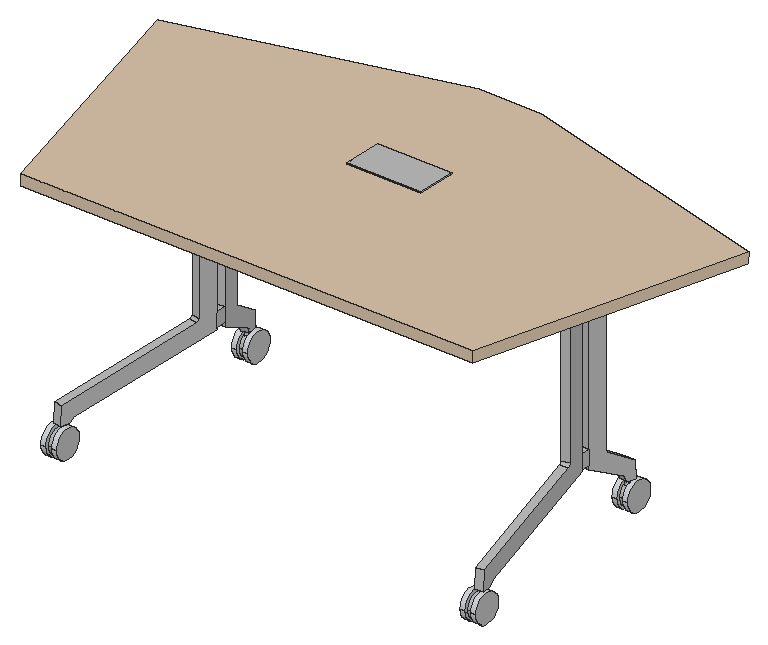
Revit family "Haworth_Planes_TrainingTable_Polygon30", category Furniture Systems, Revit 2018
Family settings
  Round Connector Dimension = Use Diameter
  Part Type = Normal
  OmniClass Number = 23.40.70.14.64.21
  OmniClass Title = Systems Furniture
  Work Plane-Based = No
  Always vertical = Yes
  Cut with Voids When Loaded = No
  Shared = No
  Room Calculation Point = No
Parameters (values of type "66w 30d")
  Warranty = "http://www.haworth.com/resources/product-info/warranties"
  Void Top Placement = Actual Height + 2"  # 31"
  Void Cutout Height = if(Cutout, 5", 1/2")  # 5"
  URL - Product = "http://www.haworth.com/products/tables/training/planes"
  Type Comments = ""
  Table Finish [instance] = Haworth _ Laminate _ Maple H-AE
  Table Edge Finish [instance] = Haworth _ Laminate _ Maple H-AE
  Sustainability Info = "http://media.haworth.com/asset/5175/Planes%20tables%20PEDS.pdf"
  Opening Single Wide = no
  Opening Single Narrow = no
  Opening Single = and(Cutout, not(or(Opening Single Wide, Opening Single Narrow)))  # yes
  Leg Placement = 40"  # constant formula
  Knife Edge = not(Edgeband)  # no
  Fliptop Width = Cutout Width + 1/4"  # 8 1/4"
  Fliptop Depth = Cutout Depth + 3/8"  # 4 3/8"
  Model = "TACV"  # constant formula
  Leg Finish [instance] = Haworth _ Paint _ Metallic Champagne
  Glides = not(Casters)  # no
  Flip Top Finish = Haworth _ Paint _ Metallic Champagne
  Flip Top = yes
  Edgeband = yes
  Description = "Haworth - Planes Training - Table Polygon - 30"  # constant formula
  Cutout Width = if(Opening Single Wide, 11", if(Opening Single Narrow, 4", 8"))  # 8"
  Cutout Depth = 4"  # constant formula
  URL = "www.haworth.com"
  Table Thickness = 1 3/16"  # constant formula
  Support Spacing - From Edge = 6 1/4"  # constant formula
  Size = "Verify Final Dim. w/ Haworth"  # constant formula
  Revision Number = "3"  # constant formula
  Manufacturer = "Haworth"  # constant formula
  Leg Height = Actual Height - Table Thickness  # 27 13/16"
  Cutout = yes
  Casters = yes
  Caster Finish [instance] = Haworth _ Paint _ Metallic Champagne
  Author = "Haworth (Hampton, Alias)"  # constant formula
  Assembly Code = "E2020200"
  Actual Width = 66"  # constant formula
  Actual Height = 29"  # constant formula
  Actual Depth = 30"  # constant formula
Reference planes (in)
  plane 1 "Leg Middle": y = 0
  plane 2: z = 0
  plane 3 "Center L/R": x = 0
  plane 4 "Table Edge Left": x = -33
  plane 5 "Table Edge Right": x = 33
  plane 6 "Table Edge Front": y = 15
  plane 7 "Table Edge Back": y = -15
  plane 8 "Table Leg Left": x = -20
  plane 9 "Table Leg Right": x = 20
  plane 10 "Top": z = 29
  plane 11 "Support Back": y = 8.75
  plane 12 "Left Angle": through (-25.02054, -15.80758, 48) normal (-0.9659, -0.2588, 0)
  plane 13 "Top Bottom": z = 27.8125
  plane 14 "Void Bottom": z = 27
  plane 15 "Void Top": z = 31
  plane 16 "Center F/B": y = 6.25
  plane 17 "Cutout Left": x = -4.125
  plane 18 "Cutout Right": x = 4.125
  plane 19 "Cutout Back": y = 8.25
  plane 20 "Cutout Front": y = 4.25
  plane 21 "Void Cutout Bottom": z = 26
  plane 22 "Back Corner": y = 13.67451
  plane 23 "Corner Left": x = -3.44122
  plane 24 "Corner Right": x = 3.44122
  plane 25 "Right Angel": through (25.02054, -15.80758, 48) normal (-0.9659, 0.2588, 0)
  plane 26 "Left Back": through (5.83233, 24.0796, 48) normal (0.2588, -0.9659, 0)
  plane 27 "Right Back": through (-5.83233, 24.0796, 48) normal (0.2588, 0.9659, 0)
  plane 28 "Back": y = 21.59476
  plane 29 "KnifeEdge Middle": z = 28.625
Forms (in)
  Extrusion 1, solid, material "Haworth _ Laminate _ Maple H-AE" <- "Table Finish", visible <- "Edgeband"
    sketch origin (0, 0, 29) x (-1, 0, 0) y (0, -1, 0)
      loop
        line (-32.92558, -13.69445) -> (-3.44122, -21.59476) -> (3.44122, -21.59476) -> (32.92558, -13.69445) -> (25.23693, 15) -> (-25.23693, 15) -> (-32.92558, -13.69445)
    from -1.1875 to 0
  Extrusion 2, void
    sketch origin (0, 0, 29) x (-1, 0, 0) y (0, -1, 0)
      loop
        line (4.125, -8.25) -> (4.125, -4.25) -> (-4.125, -4.25) -> (-4.125, -8.25) -> (4.125, -8.25)
    from -3 to 2
  Extrusion 3, solid, material "Haworth _ Laminate _ Maple H-AE" <- "Table Finish", visible <- "Knife Edge"
    sketch origin (0, 0, 29) x (-1, 0, 0) y (0, -1, 0)
      loop
        line (-32.92558, -13.69445) -> (-3.44122, -21.59476) -> (3.44122, -21.59476) -> (32.92558, -13.69445) -> (25.23693, 15) -> (-25.23693, 15) -> (-32.92558, -13.69445)
    from -0.375 to 0
  Blend 4, solid, material "Haworth _ Laminate _ Maple H-AE" <- "Table Finish", visible <- "Knife Edge"
    base sketch origin (0, 0, 29) x (-1, 0, 0) y (0, -1, 0)
      loop
        line (32.92558, -13.69445) -> (25.77283, 13) -> (-25.77283, 13) -> (-32.92558, -13.69445) -> (-3.44122, -21.59476) -> (3.44122, -21.59476) -> (32.92558, -13.69445)
    top sketch origin (0, 0, 29) x (-1, 0, 0) y (0, -1, 0)
      loop
        line (25.23693, 15) -> (-25.23693, 15) -> (-32.92558, -13.69445) -> (-3.44122, -21.59476) -> (3.44122, -21.59476) -> (32.92558, -13.69445) -> (25.23693, 15)
    from -1.1875 to -0.375
Cuts and joins
  Extrusion 2 cuts Extrusion 1
  Extrusion 2 cuts Extrusion 3
  Extrusion 2 cuts Blend 4
  joined: Extrusion 3, Blend 4
Lines and regions (in)
  Masking region 1
    outline origin (0, 0, 29) x (-1, 0, 0) y (0, -1, 0)
      loop
        line (-3.44122, -21.59476) -> (3.44122, -21.59476) -> (32.92558, -13.69445) -> (25.23693, 15) -> (-25.23693, 15) -> (-32.92558, -13.69445) -> (-3.44122, -21.59476)
  symbolic lines, style "Haworth", visible <- "Cutout", detail levels medium+fine
    curve 1: line (-4.125, 8.25, 29) -> (4.125, 8.25, 29)
    curve 2: line (-4.125, 4.25, 29) -> (-4.125, 8.25, 29)
    curve 3: line (4.125, 4.25, 29) -> (-4.125, 4.25, 29)
    curve 4: line (4.125, 8.25, 29) -> (4.125, 4.25, 29)
  symbolic lines, style "Haworth Hidden", visible <- "Knife Edge", detail levels medium+fine
    curve 5: line (-25.77283, -13, 29) -> (25.77283, -13, 29)
Dimensions and locks (in)
  "Actual Width": plane 4 "Table Edge Left" to plane 5 "Table Edge Right"
  equal spacing: plane 4 "Table Edge Left", plane 3 "Center L/R", plane 5 "Table Edge Right"
  "Actual Depth": plane 6 "Table Edge Front" to plane 7 "Table Edge Back"
  equal spacing: plane 6 "Table Edge Front", plane 1 "Leg Middle", plane 7 "Table Edge Back"
  "Actual Height": plane 10 "Top" to level
  equal spacing: plane 8 "Table Leg Left", plane 3 "Center L/R", plane 9 "Table Leg Right"
  "Leg Placement": plane 8 "Table Leg Left" to plane 9 "Table Leg Right"
  "Table Thickness": plane 10 "Top" to plane 13 "Top Bottom"
  "Support Spacing - From Edge": plane 6 "Table Edge Front" to plane 11 "Support Back"
  "Void Top Placement": plane 15 "Void Top" to level
  plane 15 "Void Top" to plane 14 "Void Bottom" = 4"
  locked: plane 11 "Support Back" to plane 16 "Center F/B" at 2.5
  equal spacing: plane 17 "Cutout Left", plane 3 "Center L/R", plane 18 "Cutout Right"
  "Fliptop Width": plane 17 "Cutout Left" to plane 18 "Cutout Right"
  equal spacing: plane 19 "Cutout Back", plane 16 "Center F/B", plane 20 "Cutout Front"
  "Cutout Depth": plane 19 "Cutout Back" to plane 20 "Cutout Front"
  "Void Cutout Height": plane 15 "Void Top" to plane 21 "Void Cutout Bottom"
  locked: plane 6 "Table Edge Front" to plane 22 "Back Corner" at 1.32549
  locked: plane 10 "Top" to plane 29 "KnifeEdge Middle" at 0.375
  locked: plane 7 "Table Edge Back" to Blend 4 sketch curve at 2
  locked: plane 7 "Table Edge Back" to curve 5 at 2
  aligned and locked: Extrusion 1 to plane 13 "Top Bottom"
  aligned and locked: plane 10 "Top" to Extrusion 1
  aligned and locked: plane 17 "Cutout Left" to Extrusion 2 sketch curve
  aligned and locked: Extrusion 2 sketch curve to plane 20 "Cutout Front"
  aligned and locked: plane 18 "Cutout Right" to Extrusion 2 sketch curve
  aligned and locked: Extrusion 2 sketch curve to plane 19 "Cutout Back"
  aligned and locked: Extrusion 2 to plane 21 "Void Cutout Bottom"
  aligned and locked: plane 15 "Void Top" to Extrusion 2
  aligned and locked: plane 1 "Leg Middle" to nested 1
  aligned and locked: nested 2 to plane 1 "Leg Middle"
  aligned and locked: plane 8 "Table Leg Left" to nested 1
  aligned and locked: plane 9 "Table Leg Right" to nested 2
  aligned and locked: plane 25 "Right Angel" to Extrusion 1 sketch curve
  aligned and locked: Extrusion 1 sketch curve to plane 27 "Right Back"
  aligned and locked: plane 26 "Left Back" to Extrusion 1 sketch curve
  aligned and locked: Extrusion 1 sketch curve to plane 12 "Left Angle"
  aligned and locked: Extrusion 1 sketch curve to plane 7 "Table Edge Back"
  aligned and locked: plane 28 "Back" to Extrusion 1 sketch curve
  aligned and locked: Masking region 1 sketch curve to plane 25 "Right Angel"
  aligned and locked: Masking region 1 sketch curve to plane 7 "Table Edge Back"
  aligned and locked: plane 12 "Left Angle" to Masking region 1 sketch curve
  aligned and locked: Masking region 1 sketch curve to plane 26 "Left Back"
  aligned and locked: plane 27 "Right Back" to Masking region 1 sketch curve
  aligned and locked: plane 28 "Back" to Masking region 1 sketch curve
  aligned and locked: plane 2 to nested 4
  aligned and locked: curve 4 to cut or joined group of Extrusion 1, Extrusion 2
  aligned and locked: curve 1 to cut or joined group of Extrusion 1, Extrusion 2
  aligned and locked: curve 2 to cut or joined group of Extrusion 1, Extrusion 2
  aligned and locked: curve 3 to cut or joined group of Extrusion 1, Extrusion 2
  aligned and locked: plane 25 "Right Angel" to Extrusion 3 sketch curve
  aligned and locked: Extrusion 3 sketch curve to plane 27 "Right Back"
  aligned and locked: plane 26 "Left Back" to Extrusion 3 sketch curve
  aligned and locked: plane 28 "Back" to Extrusion 3 sketch curve
  aligned and locked: Extrusion 3 sketch curve to plane 12 "Left Angle"
  aligned and locked: Extrusion 3 sketch curve to plane 7 "Table Edge Back"
  aligned and locked: plane 10 "Top" to Extrusion 3
  aligned and locked: plane 29 "KnifeEdge Middle" to Extrusion 3
  aligned and locked: plane 12 "Left Angle" to Blend 4 sketch curve
  aligned and locked: plane 26 "Left Back" to Blend 4 sketch curve  (x2)
  aligned and locked: plane 27 "Right Back" to Blend 4 sketch curve  (x2)
  aligned and locked: Blend 4 sketch curve to plane 28 "Back"  (x2)
  aligned and locked: plane 25 "Right Angel" to Blend 4 sketch curve
  aligned and locked: plane 7 "Table Edge Back" to Blend 4 sketch curve
  aligned and locked: Blend 4 sketch curve to plane 25 "Right Angel"
  aligned and locked: Blend 4 sketch curve to plane 12 "Left Angle"
  aligned and locked: Blend 4 to nested 1
  aligned and locked: Blend 4 to plane 29 "KnifeEdge Middle"
  aligned and locked: nested 3 to plane 16 "Center F/B"
  aligned and locked: plane 3 "Center L/R" to nested 3
  aligned and locked: plane 16 "Center F/B" to nested 4
  aligned and locked: plane 3 "Center L/R" to nested 4
  aligned and locked: plane 10 "Top" to nested 3
Automatic sketch dimensions
  plane 25 "Right Angel" to curve 5 = 0"
  plane 12 "Left Angle" to curve 5 = 0"
Nested families (in)
  nested 1: "Haworth_Leg-Planes_Training_30D" at (-20, 0, 0), type "Leg"
    with Leg Height 27 13/16", Glides no, Casters yes
  nested 2: "Haworth_Leg-Planes_Training_30D" at (20, 0, 0) x (-1, 0, 0) z (0, 0, 1), type "Leg"
    with Leg Height 27 13/16", Glides no, Casters yes
  nested 3: "Haworth_Worksurface_FlipTop_Unit_Part" at (-0.57037, 6.19751, 29), visible <- "Flip Top", type "Single Sided"
  nested 4: "Haworth_Planes_TrainingTable_Stretcher_Part" at (0, 3.05717, 0), type "Stretcher"
    with Actual Width 40"
Definition of nested family "Haworth_Leg-Planes_Training_30D"
  Parameters
    Model = "Haworth_Leg-Planes_Training_30D"  # constant formula
    Manufacturer = "Haworth"  # constant formula
    Leg Height = 27 1/2"
    Leg Finish = none
    Glides = yes
    Description = "Haworth_Leg-Planes_Training_30D"
    Casters = no
    Caster Finish = none
    Auther = "Haworth (Hampton)"  # constant formula
    Assembly Code = ""
  Reference planes (in)
    plane 1 "Center (Front/Back)": y = 0
    plane 2: z = 0
    plane 3 "Center (Left/Right)": x = 0
    plane 4 "Top of Leg": z = 27.5
    plane 5 "Y Leg Stand": x = -3.35156
    plane 6 "Left Y Leg": through (-0.17621, 0.60996, 48) normal (-0.8829, -0.4695, 0)
    plane 7 "Left Post": x = -0.5625
    plane 8 "Left Support": y = 11.57793
    plane 9: through (-0.17621, -0.60996, 48) normal (0.8829, -0.4695, 0)
    plane 10: y = -11.32793
    plane 11: x = -1.18359
  Forms (in)
    Revolve 1, solid, material <- "Leg Finish", visible <- "Glides"
      sketch origin (-1.19307, 0.20824, 0) x (-0.000803, -1, 0) y (0, 0, 1)
        loop
          line (-11.36969, 3.4375) -> (-11.36969, 0) -> (-10.36969, 0) -> (-10.36969, 0.1875) -> (-10.93219, 0.1875) -> (-10.93219, 3.4375) -> (-11.36969, 3.4375)
        axis (-11.36969, 3.4375) -> (-11.36969, 0)
      angle from 0 to 360
    Revolve 2, solid, material <- "Leg Finish", visible <- "Glides"
      sketch origin (-3.36034, 0.04176, 0) x (-0.000803, 1, 0) y (0, 0, -1)
        loop
          line (-11.36969, -3.4375) -> (-10.93219, -3.4375) -> (-10.93219, -0.1875) -> (-10.36969, -0.1875) -> (-10.36969, 0) -> (-11.36969, 0) -> (-11.36969, -3.4375)
        axis (-11.36969, -3.4375) -> (-11.36969, 0)
      angle from 0 to 360
    Extrusion 3, solid, material <- "Leg Finish"
      sketch origin (2.0119, -0.80233, 0) x (0.182579, 0.983191, 0) y (0, 0, 1)
        loop
          line (-11.85941, 5.24224) -> (-12.01655, 3.18345) -> (-10.98335, 3.18345) -> (-10.50665, 3.66015) -> (5.9043, 6.287) -> (5.9043, 26.93342) -> (3.92462, 26.93342) -> (3.92462, 8.10519)
          arc (3.92462, 8.10519) -> (3.85321, 7.91062) -> (3.67287, 7.80844) r 0.30078
          line (3.67287, 7.80844) -> (-11.85941, 5.24224)
      from -3.86674 to -2.94248
    Extrusion 4, solid, material <- "Leg Finish"
      sketch origin (1.99524, 0.3822, 0) x (-0.173889, 0.984765, 0) y (0, 0, 1)
        loop
          line (12.02172, 5.02236) -> (8.82242, 7.10002)
          arc (8.82242, 7.10002) -> (8.72191, 7.20875) -> (8.68546, 7.35227) r 0.30078
          line (8.68546, 7.35227) -> (8.68546, 26.93508) -> (6.68546, 26.93508) -> (6.68546, 6.03031) -> (10.72996, 3.95038) -> (11.08119, 3.19717) -> (12.08119, 3.19717) -> (12.02172, 5.02236)
      from -1.61621 to -0.69725
    Extrusion 5, solid, material <- "Leg Finish"
      sketch origin (0, 0, 0) x (1, 0, 0) y (0, 1, 0)
        loop
          line (-1.10665, 8.6543) -> (-1.44451, 8.6543) -> (-1.44451, 3.76231) -> (-1.07329, 3.76231) -> (-0.71184, 5.70871) -> (-0.75887, 6.68477) -> (-1.10665, 8.6543)
      from 25.04979 to 26.93342
    Extrusion 6, solid, material <- "Leg Finish"
      sketch origin (0, 0, 0) x (1, 0, 0) y (0, 1, 0)
        loop
          line (-0.75887, 6.68477) -> (-0.71184, 5.70871) -> (0.19689, 5.53996) -> (0.14609, 6.84456) -> (-0.75887, 6.68477)
      from 6.48123 to 8.06038
  Lines and regions (in)
    symbolic lines, detail levels fine
      curve 1: line (-3.98381, -11.91091, 0) -> (-3.07508, -12.07966, 0)
      curve 2: line (-3.07508, -12.07966, 0) -> (0.19689, 5.53996, 0)
      curve 3: line (0.19689, 5.53996, 0) -> (0.14609, 6.84456, 0)
      curve 4: line (0.14609, 6.84456, 0) -> (-0.79217, 12.15809, 0)
      curve 5: line (-0.79217, 12.15809, 0) -> (-1.69713, 11.9983, 0)
      curve 6: line (-1.69713, 11.9983, 0) -> (-0.75887, 6.68477, 0)
      curve 7: line (-0.75887, 6.68477, 0) -> (-0.71184, 5.70871, 0)
      curve 8: line (-0.71184, 5.70871, 0) -> (-3.98381, -11.91091, 0)
  Dimensions and locks (in)
    "Leg Height": plane 4 "Top of Leg" to level
  Automatic sketch dimensions
    Revolve 1 sketch curve to level = 0"
    level to Revolve 1 sketch curve = 3.42885"
    Revolve 1 sketch curve to Revolve 1 sketch curve = 0"
    level to Revolve 1 sketch curve = 3/16"
    Revolve 1 sketch curve to Revolve 1 sketch curve = 7/16"
    Revolve 1 sketch curve to Revolve 1 sketch curve = 9/16"
    Revolve 1 sketch curve to level = 1.07115"
    Revolve 1 sketch curve to Revolve 1 sketch curve = 0.00865"
    Revolve 2 sketch curve to level = 0"
    level to Revolve 2 sketch curve = 3.42885"
    Revolve 2 sketch curve to Revolve 2 sketch curve = 0"
    level to Revolve 2 sketch curve = 3/16"
    Revolve 2 sketch curve to Revolve 2 sketch curve = 7/16"
    Revolve 2 sketch curve to Revolve 2 sketch curve = 9/16"
    Revolve 2 sketch curve to Revolve 2 sketch curve = 0.00865"
    Revolve 2 sketch curve to level = 1.07115"
    Extrusion 3 sketch curve to Extrusion 3 sketch curve = 0.4767"  (x2)
    Extrusion 3 sketch curve to Extrusion 3 sketch curve = 0.04903"
    Extrusion 3 sketch curve to Extrusion 3 sketch curve = 77/256"
    Extrusion 3 sketch curve to plane 4 "Top of Leg" = 0.56658"
    Extrusion 3 sketch curve to Extrusion 3 sketch curve = 1.97968"
    level to Extrusion 3 sketch curve = 8.10519"
    Extrusion 3 sketch curve to Extrusion 3 sketch curve = 1.81819"
    level to Extrusion 3 sketch curve = 5.24224"
    Extrusion 3 sketch curve to Extrusion 3 sketch curve = 1.58208"
    Extrusion 3 sketch curve to Extrusion 3 sketch curve = 0.15714"
    Extrusion 3 sketch curve to Extrusion 3 sketch curve = 1.0332"
    Extrusion 3 sketch curve to Extrusion 3 sketch curve = 14.13049"
    Extrusion 4 sketch curve to plane 4 "Top of Leg" = 0.56492"
    Extrusion 4 sketch curve to Extrusion 4 sketch curve = 2"
    Extrusion 4 sketch curve to Extrusion 4 sketch curve = 0.13696"
    Extrusion 4 sketch curve to Extrusion 4 sketch curve = 77/256"
    level to Extrusion 4 sketch curve = 7.35227"
    Extrusion 4 sketch curve to Extrusion 4 sketch curve = 1.06971"
    Extrusion 4 sketch curve to Extrusion 4 sketch curve = 2.07765"
    Extrusion 4 sketch curve to Extrusion 4 sketch curve = 1.07199"
    Extrusion 4 sketch curve to Extrusion 4 sketch curve = 0.75321"
    Extrusion 4 sketch curve to Extrusion 4 sketch curve = 1.90754"
    Extrusion 4 sketch curve to Extrusion 4 sketch curve = 0.35123"
    Extrusion 4 sketch curve to Extrusion 4 sketch curve = 1.29176"
    Extrusion 4 sketch curve to Extrusion 4 sketch curve = 1"
    plane 11 to Extrusion 5 sketch curve = 0.26091"
    Extrusion 5 sketch curve to plane 11 = 0.07695"
    Extrusion 5 sketch curve to plane 11 = 0.11031"
    plane 7 "Left Post" to Extrusion 5 sketch curve = 0.19637"
    plane 7 "Left Post" to Extrusion 5 sketch curve = 0.14934"
    Extrusion 5 sketch curve to plane 1 "Center (Front/Back)" = 3.76231"
    Extrusion 5 sketch curve to Extrusion 5 sketch curve = 1.9464"
    Extrusion 5 sketch curve to Extrusion 5 sketch curve = 0.97606"
    Extrusion 5 sketch curve to Extrusion 5 sketch curve = 1.96953"
    plane 7 "Left Post" to Extrusion 6 sketch curve = 0.19637"
    plane 7 "Left Post" to Extrusion 6 sketch curve = 0.14934"
    plane 3 "Center (Left/Right)" to Extrusion 6 sketch curve = 0.14609"
    plane 3 "Center (Left/Right)" to Extrusion 6 sketch curve = 0.19689"
    Extrusion 6 sketch curve to plane 1 "Center (Front/Back)" = 5.53996"
    Extrusion 6 sketch curve to Extrusion 6 sketch curve = 0.16875"
    Extrusion 6 sketch curve to Extrusion 6 sketch curve = 0.97606"
    Extrusion 6 sketch curve to Extrusion 6 sketch curve = 0.1598"
    curve 1 to plane 5 "Y Leg Stand" = 0.27648"
    plane 11 to curve 5 = 0.51353"
    plane 7 "Left Post" to curve 4 = 0.22967"
    plane 7 "Left Post" to curve 7 = 0.19637"
    plane 7 "Left Post" to curve 8 = 0.14934"
    plane 3 "Center (Left/Right)" to curve 3 = 0.14609"
    plane 3 "Center (Left/Right)" to curve 3 = 0.19689"
    plane 10 to curve 1 = 0.75173"
    curve 1 to curve 1 = 0.16875"
    curve 2 to curve 7 = 0.16875"
    curve 7 to curve 7 = 0.97606"
    curve 6 to curve 3 = 0.1598"
  Nested families (in)
    nested 1: "Haworth_3in Caster" at (-1.18359, 11.57793, 0), visible <- "Casters", type "Haworth_3in Caster"
    nested 2: "Haworth_3in Caster" at (-3.35156, -11.32793, 0), visible <- "Casters", type "Haworth_3in Caster"
  Definition of nested family "Haworth_3in Caster"
    Parameters
      Glides = yes
      Caster Finish = none
      Cart Leg Finish = none
      Assembly Code = ""
    Reference planes (in)
      plane 1 "Center (Front/Back)": y = 0
      plane 2: z = 0
      plane 3 "Center (Left/Right)": x = 0
    Forms (in)
      Extrusion 1, solid
        sketch origin (0, 0, -0.02118) x (0, 1, 0) y (0, 0, 1)
          loop
            circle (-0.48695, 1.58368) r 1.5625
        from 0.875 to 0.3125
      Extrusion 2, solid
        sketch origin (0, 0, -0.02118) x (0, 1, 0) y (0, 0, 1)
          loop
            circle (-0.48695, 1.58368) r 1.5625
        from -0.875 to -0.3125
      Extrusion 3, solid
        sketch origin (0, 0, 0) x (0, 1, 0) y (0, 0, 1)
          loop
            circle (-0.48695, 1.5625) r 1.3125
        from -0.3125 to 0.3125
      Extrusion 4, solid
        sketch origin (0, 0, 0) x (1, 0, 0) y (0, 1, 0)
          loop
            circle (0, 0) r 0.25
        from 2.4375 to 3.4375
    Cuts and joins
      joined: Extrusion 3, Extrusion 4
    Dimensions and locks (in)
      plane 3 "Center (Left/Right)" to Extrusion 2 = 5/16"
      Extrusion 1 to plane 3 "Center (Left/Right)" = 7/8"
Definition of nested family "Haworth_Worksurface_FlipTop_Unit_Part"
  Parameters (values of type "Single Sided")
    Warranty = "www.haworth.com/en-us/Products/Pages/Certifications.aspx"
    URL - Product = "www.haworth.com/en-us/Products/Furniture/Systems/Desking-Systems/Pages/Compose.aspx"
    URL = "www.haworth.com"
    Sustainability Info = "www.haworth.com/en-us/About-Us/Sustainability/Pages/Vision.aspx"
    Size = "Verify Final Dim. w/ Haworth"  # constant formula
    Revision Number = "2"  # constant formula
    Model = "Haworth_Worksurface-Flip_Top_Unit"  # constant formula
    Manufacturer = "Haworth"  # constant formula
    LEED Data = "www.haworth.com/_layouts/Haworth.ProductCatalog/Handlers/GetAsset.ashx/ComposeLEEDContributions.pdf?cid=27&rid=1824&type=Leed"
    Flip Top Finish = none
    Description = "Haworth Worksurface-Flip Top Unit - Part"
    Default Elevation = 48"
    Author = "SHAPE Environments, LLC"  # constant formula
    Assembly Code = "E2020200"
    Actual Width = 8 1/4"
    Actual Depth = 4 3/8"
  Reference planes (in)
    plane 1 "Center F/B": y = 0.05249
    plane 2: z = 0
    plane 3 "Center L/R": x = 0.57037
    plane 4 "Back": y = 2.23999
    plane 5 "Right": x = 4.69537
    plane 6 "Front": y = -2.13501
    plane 7 "Left": x = -3.55463
    plane 8 "Table Height": z = 0
  Forms (in)
    Extrusion 1, solid, material <- "Flip Top Finish"
      sketch origin (0, 0, 0) x (-1, 0, 0) y (0, -1, 0)
        loop
          line (3.55463, -2.23999) -> (3.55463, 2.13501) -> (-4.69537, 2.13501) -> (-4.69537, -2.23999) -> (3.55463, -2.23999)
      from 0 to 0.125
    Extrusion 2, solid, material <- "Flip Top Finish"
      sketch origin (0, 0, 0) x (-1, 0, 0) y (0, -1, 0)
        loop
          line (3.42963, -2.05249) -> (3.42963, 1.94751) -> (-4.57037, 1.94751) -> (-4.57037, -2.05249) -> (3.42963, -2.05249)
      from 0 to -2.75
  Cuts and joins
    joined: Extrusion 1, Extrusion 2
  Lines and regions (in)
    Masking region 1
      outline origin (0, 0, 0) x (1, 0, 0) y (0, 1, 0)
        loop
          line (-3.55463, 2.23999) -> (-3.55463, -2.13501) -> (4.69537, -2.13501) -> (4.69537, 2.23999) -> (-3.55463, 2.23999)
  Dimensions and locks (in)
    equal spacing: plane 7 "Left", plane 3 "Center L/R", plane 5 "Right"
    "Actual Width": plane 7 "Left" to plane 5 "Right"
    equal spacing: plane 6 "Front", plane 1 "Center F/B", plane 4 "Back"
    "Actual Depth": plane 4 "Back" to plane 6 "Front"
    plane 7 "Left" to Extrusion 2 sketch curve = 1/8"
    plane 4 "Back" to Extrusion 2 sketch curve = 3/16"
    Extrusion 2 sketch curve to plane 5 "Right" = 1/8"
    Extrusion 2 sketch curve to plane 6 "Front" = 3/16"
    locked: plane 8 "Table Height" to level
    aligned and locked: plane 7 "Left" to Extrusion 1 sketch curve
    aligned and locked: Extrusion 1 sketch curve to plane 4 "Back"
    aligned and locked: plane 6 "Front" to Extrusion 1 sketch curve
    aligned and locked: Extrusion 1 sketch curve to plane 5 "Right"
    aligned and locked: Masking region 1 sketch curve to cut or joined group of Extrusion 1, Extrusion 2  (x3)
    aligned and locked: cut or joined group of Extrusion 1, Extrusion 2 to Masking region 1 sketch curve
Definition of nested family "Haworth_Planes_TrainingTable_Stretcher_Part"
  Parameters (values of type "Stretcher")
    Warranty = "http://www.haworth.com/resources/product-info/warranties"
    URL - Product = "http://www.haworth.com/products/tables/training/planes"
    Type Comments = ""
    Sustainability Info = "http://media.haworth.com/asset/5175/Planes%20tables%20PEDS.pdf"
    Model = "TARA"  # constant formula
    Leg Finish = none
    Description = "Haworth - Planes Training - Table Stretcher"
    URL = "www.haworth.com"
    Size = "Verify Final Dim. w/ Haworth"  # constant formula
    Revision Number = "1"  # constant formula
    Manufacturer = "Haworth"  # constant formula
    Author = "Haworth (Hampton)"  # constant formula
    Assembly Code = "E2020200"
    Actual Width = 46"
    Actual Depth = 5 61/256"  # constant formula
  Reference planes (in)
    plane 1 "Bottom": z = 0
    plane 2 "Center L/R": x = 0
    plane 3 "Left": x = -23
    plane 4 "Right": x = 23
    plane 5 "Strecther Back": y = 5.81197
    plane 6 "Stretcher Front": y = 0.57369
    plane 7 "Center FB": y = 3.19283
  Forms (in)
    Extrusion 1, solid, material <- "Leg Finish"
      sketch origin (30, 0.35365, 0) x (0, 1, 0) y (0, 0, 1)
        loop
          line (0.2204, 26.95529) -> (0.2204, 25.04023) -> (1.90683, 24.00491) -> (1.98015, 23.98526) -> (3.69856, 23.98526) -> (3.77188, 24.00491) -> (5.45832, 25.04023) -> (5.45832, 26.95529) -> (0.2204, 26.95529)
      from -53 to -7
  Lines and regions (in)
    symbolic lines, detail levels medium+fine
      curve 1: line (-23, 0.57369, 29) -> (23, 0.57369, 29)
      curve 2: line (23.19689, 5.81197, 29) -> (-23.19689, 5.81197, 29)
  Dimensions and locks (in)
    "Actual Depth": plane 5 "Strecther Back" to plane 6 "Stretcher Front"
    equal spacing: plane 5 "Strecther Back", plane 7 "Center FB", plane 6 "Stretcher Front"
    "Actual Width": plane 3 "Left" to plane 4 "Right"
    equal spacing: plane 3 "Left", plane 2 "Center L/R", plane 4 "Right"
    aligned and locked: plane 4 "Right" to Extrusion 1
    aligned and locked: Extrusion 1 to plane 3 "Left"
    aligned and locked: plane 5 "Strecther Back" to Extrusion 1
    aligned and locked: curve 1 to plane 6 "Stretcher Front"
    aligned and locked: plane 5 "Strecther Back" to curve 2
  Automatic sketch dimensions
    Extrusion 1 sketch curve to Extrusion 1 sketch curve = 1.68644"  (x2)
    Extrusion 1 sketch curve to Extrusion 1 sketch curve = 0.07332"  (x2)
    Extrusion 1 sketch curve to Extrusion 1 sketch curve = 1.71841"
    Extrusion 1 sketch curve to Extrusion 1 sketch curve = 0.01965"  (x2)
    Extrusion 1 sketch curve to Extrusion 1 sketch curve = 1.03532"  (x2)
    Extrusion 1 sketch curve to Extrusion 1 sketch curve = 1.91506"
    curve 1 to plane 4 "Right" = 0"
    curve 1 to plane 3 "Left" = 0"
    plane 4 "Right" to curve 2 = 0.19689"
    curve 2 to plane 3 "Left" = 0.19689"
    Extrusion 1 sketch curve to plane 5 "Strecther Back" = 0"
    level to Extrusion 1 sketch curve = 23.98526"
